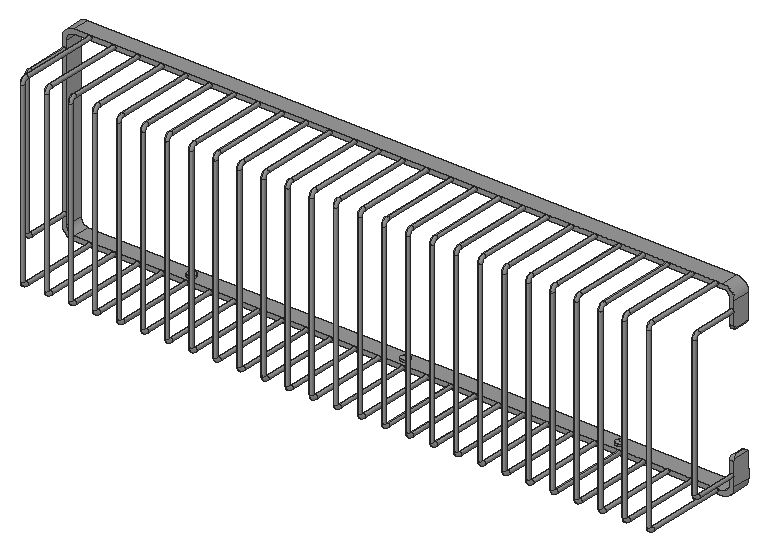
Revit family "RECK Jabonera 46x13cm BC4613000", category Generic Models, host Face, Revit 2014
Parameters
  MODELO = "RECK"
  MARCA = "WASSER"
  EMPRESA = "CHC COMERCIAL HISPANO CHILENA"
  Default Elevation = 1219.2 mm
  DIMENSIONES = "46X13CM"
  CÓDIGO = "BC4613000"
  ACCESORIO = "JABONERA"
Reference planes
  plane 1 "Center (Front/Back)": y = 0
  plane 2: z = 0
  plane 3 "Center (Left/Right)": x = 0
  plane 4: z = 130
  plane 5: x = 230
  plane 6: x = -230
  plane 7: y = -70
  plane 8: x = -75
  plane 9: x = 75
  plane 10: x = 3.025
Forms (mm)
  Extrusion 1, solid, material "Steel, Chrome Plated"
    sketch origin (0, 0, 0) x (1, 0, 0) y (0, 0, 1)
      loop
        arc (222, 0) -> (227.657, 2.343) -> (230, 8) r 8
        line (230, 8) -> (230, 25)
        arc (230, 25) -> (228.5, 26.5) -> (227, 25) r 1.5
        line (227, 25) -> (227, 8)
        arc (227, 8) -> (225.536, 4.464) -> (222, 3) r 5
        line (222, 3) -> (-222, 3)
        arc (-222, 3) -> (-225.536, 4.464) -> (-227, 8) r 5
        line (-227, 8) -> (-227, 122)
        arc (-227, 122) -> (-225.536, 125.536) -> (-222, 127) r 5
        line (-222, 127) -> (222, 127)
        arc (222, 127) -> (225.536, 125.536) -> (227, 122) r 5
        line (227, 122) -> (227, 105)
        arc (227, 105) -> (228.5, 103.5) -> (230, 105) r 1.5
        line (230, 105) -> (230, 122)
        arc (230, 122) -> (227.657, 127.657) -> (222, 130) r 8
        line (222, 130) -> (-222, 130)
        arc (-222, 130) -> (-227.657, 127.657) -> (-230, 122) r 8
        line (-230, 122) -> (-230, 8)
        arc (-230, 8) -> (-227.657, 2.343) -> (-222, 0) r 8
        line (-222, 0) -> (222, 0)
    from 0 to 12
  Revolve 2, solid, material "Steel, Chrome Plated"
    sketch origin (130.631, -5.965, 0) x (1, 0, 0) y (0, 0, 1)
      loop
        arc (19.269, 3.812) -> (17.821, 4.357) -> (16.286, 4.542) r 6.456
        line (16.286, 4.542) -> (16.286, 3) -> (19.269, 3) -> (19.269, 3.812)
      axis (16.286, 4.542) -> (16.286, 3)
    angle from 0 to 360
  Revolve 3, solid, material "Steel, Chrome Plated"
    sketch origin (-130, -5.965, 0) x (-1, 0, 0) y (0, 0, 1)
      loop
        arc (19.269, 3.812) -> (17.821, 4.357) -> (16.286, 4.542) r 6.456
        line (16.286, 4.542) -> (16.286, 3) -> (19.269, 3) -> (19.269, 3.812)
      axis (16.286, 4.542) -> (16.286, 3)
    angle from 0 to 360
  Extrusion 4, void
    sketch origin (-61.896, 0, 55.588) x (0.002115, 0, 0.999998) y (0, -1, 0)
      loop
        line (-33.818, 0) -> (-30.222, -2.612) -> (-26.755, 0.296) -> (-27.237, 14.082) -> (-33.818, 12) -> (-31.5, 12)
        arc (-31.5, 12) -> (-29.379, 11.121) -> (-28.5, 9) r 3
        line (-28.5, 9) -> (-28.5, 3)
        arc (-28.5, 3) -> (-29.379, 0.879) -> (-31.5, 0) r 3
        line (-31.5, 0) -> (-33.818, 0)
    from 283.388 to 293.26
  Sweep 5, solid, material "Steel, Chrome Plated"
    path origin (3.025, 0, 50.916) x (0, 0, -1) y (0, 1, 0)
      loop
        line (49.308, -12) -> (49.308, -66.476)
        arc (49.308, -66.476) -> (48.43, -68.597) -> (46.308, -69.476) r 3
        line (46.308, -69.476) -> (-74.657, -69.476)
        arc (-74.657, -69.476) -> (-76.747, -68.61) -> (-77.612, -66.52) r 2.955
        line (-77.612, -66.52) -> (-77.612, -12)
    profile origin (3.025, -69.476, 65.09) x (0, -1, 0) y (1, 0, 0)
      loop
        circle (0, 0) r 1.2
  Extrusion 6, void
    sketch origin (-61.896, 0, 74.412) x (0.002115, 0, -0.999998) y (0, 1, 0)
      loop
        line (-33.818, 0) -> (-31.5, 0)
        arc (-31.5, 0) -> (-29.379, -0.879) -> (-28.5, -3) r 3
        line (-28.5, -3) -> (-28.5, -9)
        arc (-28.5, -9) -> (-29.379, -11.121) -> (-31.5, -12) r 3
        line (-31.5, -12) -> (-33.818, -12) -> (-27.237, -14.082) -> (-26.755, -0.296) -> (-30.222, 2.612) -> (-33.818, 0)
    from 282.584 to 300.736
  Sweep 7, solid, material "Steel, Chrome Plated"
    path origin (19.575, 0, 50.916) x (0, 0, -1) y (0, 1, 0)
      loop
        line (49.308, -12) -> (49.308, -66.476)
        arc (49.308, -66.476) -> (48.43, -68.597) -> (46.308, -69.476) r 3
        line (46.308, -69.476) -> (-74.657, -69.476)
        arc (-74.657, -69.476) -> (-76.747, -68.61) -> (-77.612, -66.52) r 2.955
        line (-77.612, -66.52) -> (-77.612, -12)
    profile origin (19.575, -69.476, 65.09) x (0, -1, 0) y (1, 0, 0)
      loop
        circle (0, 0) r 1.2
  Sweep 8, solid, material "Steel, Chrome Plated"
    path origin (36.07, 0, 50.916) x (0, 0, -1) y (0, 1, 0)
      loop
        line (49.308, -12) -> (49.308, -66.476)
        arc (49.308, -66.476) -> (48.43, -68.597) -> (46.308, -69.476) r 3
        line (46.308, -69.476) -> (-74.657, -69.476)
        arc (-74.657, -69.476) -> (-76.747, -68.61) -> (-77.612, -66.52) r 2.955
        line (-77.612, -66.52) -> (-77.612, -12)
    profile origin (36.07, -69.476, 65.09) x (0, -1, 0) y (1, 0, 0)
      loop
        circle (0, 0) r 1.2
  Sweep 9, solid, material "Steel, Chrome Plated"
    path origin (52.566, 0, 50.916) x (0, 0, -1) y (0, 1, 0)
      loop
        line (49.308, -12) -> (49.308, -66.476)
        arc (49.308, -66.476) -> (48.43, -68.597) -> (46.308, -69.476) r 3
        line (46.308, -69.476) -> (-74.657, -69.476)
        arc (-74.657, -69.476) -> (-76.747, -68.61) -> (-77.612, -66.52) r 2.955
        line (-77.612, -66.52) -> (-77.612, -12)
    profile origin (52.566, -69.476, 65.09) x (0, -1, 0) y (1, 0, 0)
      loop
        circle (0, 0) r 1.2
  Sweep 10, solid, material "Steel, Chrome Plated"
    path origin (69.02, 0, 50.916) x (0, 0, -1) y (0, 1, 0)
      loop
        line (49.308, -12) -> (49.308, -66.476)
        arc (49.308, -66.476) -> (48.43, -68.597) -> (46.308, -69.476) r 3
        line (46.308, -69.476) -> (-74.657, -69.476)
        arc (-74.657, -69.476) -> (-76.747, -68.61) -> (-77.612, -66.52) r 2.955
        line (-77.612, -66.52) -> (-77.612, -12)
    profile origin (69.02, -69.476, 65.09) x (0, -1, 0) y (1, 0, 0)
      loop
        circle (0, 0) r 1.2
  Sweep 11, solid, material "Steel, Chrome Plated"
    path origin (85.475, 0, 50.916) x (0, 0, -1) y (0, 1, 0)
      loop
        line (49.308, -12) -> (49.308, -66.476)
        arc (49.308, -66.476) -> (48.43, -68.597) -> (46.308, -69.476) r 3
        line (46.308, -69.476) -> (-74.657, -69.476)
        arc (-74.657, -69.476) -> (-76.747, -68.61) -> (-77.612, -66.52) r 2.955
        line (-77.612, -66.52) -> (-77.612, -12)
    profile origin (85.475, -69.476, 65.09) x (0, -1, 0) y (1, 0, 0)
      loop
        circle (0, 0) r 1.2
  Sweep 12, solid, material "Steel, Chrome Plated"
    path origin (101.93, 0, 50.916) x (0, 0, -1) y (0, 1, 0)
      loop
        line (49.308, -12) -> (49.308, -66.476)
        arc (49.308, -66.476) -> (48.43, -68.597) -> (46.308, -69.476) r 3
        line (46.308, -69.476) -> (-74.657, -69.476)
        arc (-74.657, -69.476) -> (-76.747, -68.61) -> (-77.612, -66.52) r 2.955
        line (-77.612, -66.52) -> (-77.612, -12)
    profile origin (101.93, -69.476, 65.09) x (0, -1, 0) y (1, 0, 0)
      loop
        circle (0, 0) r 1.2
  Sweep 13, solid, material "Steel, Chrome Plated"
    path origin (118.385, 0, 50.916) x (0, 0, -1) y (0, 1, 0)
      loop
        line (49.308, -12) -> (49.308, -66.476)
        arc (49.308, -66.476) -> (48.43, -68.597) -> (46.308, -69.476) r 3
        line (46.308, -69.476) -> (-74.657, -69.476)
        arc (-74.657, -69.476) -> (-76.747, -68.61) -> (-77.612, -66.52) r 2.955
        line (-77.612, -66.52) -> (-77.612, -12)
    profile origin (118.385, -69.476, 65.09) x (0, -1, 0) y (1, 0, 0)
      loop
        circle (0, 0) r 1.2
  Sweep 14, solid, material "Steel, Chrome Plated"
    path origin (134.845, 0, 50.916) x (0, 0, -1) y (0, 1, 0)
      loop
        line (49.308, -12) -> (49.308, -66.476)
        arc (49.308, -66.476) -> (48.43, -68.597) -> (46.308, -69.476) r 3
        line (46.308, -69.476) -> (-74.657, -69.476)
        arc (-74.657, -69.476) -> (-76.747, -68.61) -> (-77.612, -66.52) r 2.955
        line (-77.612, -66.52) -> (-77.612, -12)
    profile origin (134.845, -69.476, 65.09) x (0, -1, 0) y (1, 0, 0)
      loop
        circle (0, 0) r 1.2
  Sweep 15, solid, material "Steel, Chrome Plated"
    path origin (151.352, 0, 50.916) x (0, 0, -1) y (0, 1, 0)
      loop
        line (49.308, -12) -> (49.308, -66.476)
        arc (49.308, -66.476) -> (48.43, -68.597) -> (46.308, -69.476) r 3
        line (46.308, -69.476) -> (-74.657, -69.476)
        arc (-74.657, -69.476) -> (-76.747, -68.61) -> (-77.612, -66.52) r 2.955
        line (-77.612, -66.52) -> (-77.612, -12)
    profile origin (151.352, -69.476, 65.09) x (0, -1, 0) y (1, 0, 0)
      loop
        circle (0, 0) r 1.2
  Sweep 16, solid, material "Steel, Chrome Plated"
    path origin (167.841, 0, 50.916) x (0, 0, -1) y (0, 1, 0)
      loop
        line (49.308, -12) -> (49.308, -66.476)
        arc (49.308, -66.476) -> (48.43, -68.597) -> (46.308, -69.476) r 3
        line (46.308, -69.476) -> (-74.657, -69.476)
        arc (-74.657, -69.476) -> (-76.747, -68.61) -> (-77.612, -66.52) r 2.955
        line (-77.612, -66.52) -> (-77.612, -12)
    profile origin (167.841, -69.476, 65.09) x (0, -1, 0) y (1, 0, 0)
      loop
        circle (0, 0) r 1.2
  Sweep 17, solid, material "Steel, Chrome Plated"
    path origin (184.331, 0, 50.916) x (0, 0, -1) y (0, 1, 0)
      loop
        line (49.308, -12) -> (49.308, -66.476)
        arc (49.308, -66.476) -> (48.43, -68.597) -> (46.308, -69.476) r 3
        line (46.308, -69.476) -> (-74.657, -69.476)
        arc (-74.657, -69.476) -> (-76.747, -68.61) -> (-77.612, -66.52) r 2.955
        line (-77.612, -66.52) -> (-77.612, -12)
    profile origin (184.331, -69.476, 65.09) x (0, -1, 0) y (1, 0, 0)
      loop
        circle (0, 0) r 1.2
  Sweep 18, solid, material "Steel, Chrome Plated"
    path origin (200.821, 0, 50.916) x (0, 0, -1) y (0, 1, 0)
      loop
        line (49.308, -12) -> (49.308, -66.476)
        arc (49.308, -66.476) -> (48.43, -68.597) -> (46.308, -69.476) r 3
        line (46.308, -69.476) -> (-74.657, -69.476)
        arc (-74.657, -69.476) -> (-76.747, -68.61) -> (-77.612, -66.52) r 2.955
        line (-77.612, -66.52) -> (-77.612, -12)
    profile origin (200.821, -69.476, 65.09) x (0, -1, 0) y (1, 0, 0)
      loop
        circle (0, 0) r 1.2
  Sweep 19, solid, material "Steel, Chrome Plated"
    path origin (217.32, 0, 50.916) x (0, 0, -1) y (0, 1, 0)
      loop
        line (49.308, -12) -> (49.308, -66.476)
        arc (49.308, -66.476) -> (48.43, -68.597) -> (46.308, -69.476) r 3
        line (46.308, -69.476) -> (-74.657, -69.476)
        arc (-74.657, -69.476) -> (-76.747, -68.61) -> (-77.612, -66.52) r 2.955
        line (-77.612, -66.52) -> (-77.612, -12)
    profile origin (217.32, -69.476, 65.09) x (0, -1, 0) y (1, 0, 0)
      loop
        circle (0, 0) r 1.2
  Sweep 20, solid, material "Steel, Chrome Plated"
    path origin (-13.464, 0, 50.916) x (0, 0, -1) y (0, 1, 0)
      loop
        line (49.308, -12) -> (49.308, -66.476)
        arc (49.308, -66.476) -> (48.43, -68.597) -> (46.308, -69.476) r 3
        line (46.308, -69.476) -> (-74.657, -69.476)
        arc (-74.657, -69.476) -> (-76.747, -68.61) -> (-77.612, -66.52) r 2.955
        line (-77.612, -66.52) -> (-77.612, -12)
    profile origin (-13.464, -69.476, 65.09) x (0, -1, 0) y (1, 0, 0)
      loop
        circle (0, 0) r 1.2
  Sweep 21, solid, material "Steel, Chrome Plated"
    path origin (-29.954, 0, 50.916) x (0, 0, -1) y (0, 1, 0)
      loop
        line (49.308, -12) -> (49.308, -66.476)
        arc (49.308, -66.476) -> (48.43, -68.597) -> (46.308, -69.476) r 3
        line (46.308, -69.476) -> (-74.657, -69.476)
        arc (-74.657, -69.476) -> (-76.747, -68.61) -> (-77.612, -66.52) r 2.955
        line (-77.612, -66.52) -> (-77.612, -12)
    profile origin (-29.954, -69.476, 65.09) x (0, -1, 0) y (1, 0, 0)
      loop
        circle (0, 0) r 1.2
  Sweep 22, solid, material "Steel, Chrome Plated"
    path origin (-46.444, 0, 50.916) x (0, 0, -1) y (0, 1, 0)
      loop
        line (49.308, -12) -> (49.308, -66.476)
        arc (49.308, -66.476) -> (48.43, -68.597) -> (46.308, -69.476) r 3
        line (46.308, -69.476) -> (-74.657, -69.476)
        arc (-74.657, -69.476) -> (-76.747, -68.61) -> (-77.612, -66.52) r 2.955
        line (-77.612, -66.52) -> (-77.612, -12)
    profile origin (-46.444, -69.476, 65.09) x (0, -1, 0) y (1, 0, 0)
      loop
        circle (0, 0) r 1.2
  Sweep 23, solid, material "Steel, Chrome Plated"
    path origin (-62.907, 0, 50.916) x (0, 0, -1) y (0, 1, 0)
      loop
        line (49.308, -12) -> (49.308, -66.476)
        arc (49.308, -66.476) -> (48.43, -68.597) -> (46.308, -69.476) r 3
        line (46.308, -69.476) -> (-74.657, -69.476)
        arc (-74.657, -69.476) -> (-76.747, -68.61) -> (-77.612, -66.52) r 2.955
        line (-77.612, -66.52) -> (-77.612, -12)
    profile origin (-62.907, -69.476, 65.09) x (0, -1, 0) y (1, 0, 0)
      loop
        circle (0, 0) r 1.2
  Sweep 24, solid, material "Steel, Chrome Plated"
    path origin (-79.37, 0, 50.916) x (0, 0, -1) y (0, 1, 0)
      loop
        line (49.308, -12) -> (49.308, -66.476)
        arc (49.308, -66.476) -> (48.43, -68.597) -> (46.308, -69.476) r 3
        line (46.308, -69.476) -> (-74.657, -69.476)
        arc (-74.657, -69.476) -> (-76.747, -68.61) -> (-77.612, -66.52) r 2.955
        line (-77.612, -66.52) -> (-77.612, -12)
    profile origin (-79.37, -69.476, 65.09) x (0, -1, 0) y (1, 0, 0)
      loop
        circle (0, 0) r 1.2
  Sweep 25, solid, material "Steel, Chrome Plated"
    path origin (-95.909, 0, 50.916) x (0, 0, -1) y (0, 1, 0)
      loop
        line (49.308, -12) -> (49.308, -66.476)
        arc (49.308, -66.476) -> (48.43, -68.597) -> (46.308, -69.476) r 3
        line (46.308, -69.476) -> (-74.657, -69.476)
        arc (-74.657, -69.476) -> (-76.747, -68.61) -> (-77.612, -66.52) r 2.955
        line (-77.612, -66.52) -> (-77.612, -12)
    profile origin (-95.909, -69.476, 65.09) x (0, -1, 0) y (1, 0, 0)
      loop
        circle (0, 0) r 1.2
  Sweep 26, solid, material "Steel, Chrome Plated"
    path origin (-112.448, 0, 50.916) x (0, 0, -1) y (0, 1, 0)
      loop
        line (49.308, -12) -> (49.308, -66.476)
        arc (49.308, -66.476) -> (48.43, -68.597) -> (46.308, -69.476) r 3
        line (46.308, -69.476) -> (-74.657, -69.476)
        arc (-74.657, -69.476) -> (-76.747, -68.61) -> (-77.612, -66.52) r 2.955
        line (-77.612, -66.52) -> (-77.612, -12)
    profile origin (-112.448, -69.476, 65.09) x (0, -1, 0) y (1, 0, 0)
      loop
        circle (0, 0) r 1.2
  Sweep 27, solid, material "Steel, Chrome Plated"
    path origin (-128.911, 0, 50.916) x (0, 0, -1) y (0, 1, 0)
      loop
        line (49.308, -12) -> (49.308, -66.476)
        arc (49.308, -66.476) -> (48.43, -68.597) -> (46.308, -69.476) r 3
        line (46.308, -69.476) -> (-74.657, -69.476)
        arc (-74.657, -69.476) -> (-76.747, -68.61) -> (-77.612, -66.52) r 2.955
        line (-77.612, -66.52) -> (-77.612, -12)
    profile origin (-128.911, -69.476, 65.09) x (0, -1, 0) y (1, 0, 0)
      loop
        circle (0, 0) r 1.2
  Sweep 28, solid, material "Steel, Chrome Plated"
    path origin (-145.374, 0, 50.916) x (0, 0, -1) y (0, 1, 0)
      loop
        line (49.308, -12) -> (49.308, -66.476)
        arc (49.308, -66.476) -> (48.43, -68.597) -> (46.308, -69.476) r 3
        line (46.308, -69.476) -> (-74.657, -69.476)
        arc (-74.657, -69.476) -> (-76.747, -68.61) -> (-77.612, -66.52) r 2.955
        line (-77.612, -66.52) -> (-77.612, -12)
    profile origin (-145.374, -69.476, 65.09) x (0, -1, 0) y (1, 0, 0)
      loop
        circle (0, 0) r 1.2
  Sweep 29, solid, material "Steel, Chrome Plated"
    path origin (-161.913, 0, 50.916) x (0, 0, -1) y (0, 1, 0)
      loop
        line (49.308, -12) -> (49.308, -66.476)
        arc (49.308, -66.476) -> (48.43, -68.597) -> (46.308, -69.476) r 3
        line (46.308, -69.476) -> (-74.657, -69.476)
        arc (-74.657, -69.476) -> (-76.747, -68.61) -> (-77.612, -66.52) r 2.955
        line (-77.612, -66.52) -> (-77.612, -12)
    profile origin (-161.913, -69.476, 65.09) x (0, -1, 0) y (1, 0, 0)
      loop
        circle (0, 0) r 1.2
  Sweep 30, solid, material "Steel, Chrome Plated"
    path origin (-178.376, 0, 50.916) x (0, 0, -1) y (0, 1, 0)
      loop
        line (49.308, -12) -> (49.308, -66.476)
        arc (49.308, -66.476) -> (48.43, -68.597) -> (46.308, -69.476) r 3
        line (46.308, -69.476) -> (-74.657, -69.476)
        arc (-74.657, -69.476) -> (-76.747, -68.61) -> (-77.612, -66.52) r 2.955
        line (-77.612, -66.52) -> (-77.612, -12)
    profile origin (-178.376, -69.476, 65.09) x (0, -1, 0) y (1, 0, 0)
      loop
        circle (0, 0) r 1.2
  Sweep 31, solid, material "Steel, Chrome Plated"
    path origin (-194.839, 0, 50.916) x (0, 0, -1) y (0, 1, 0)
      loop
        line (49.308, -12) -> (49.308, -66.476)
        arc (49.308, -66.476) -> (48.43, -68.597) -> (46.308, -69.476) r 3
        line (46.308, -69.476) -> (-74.657, -69.476)
        arc (-74.657, -69.476) -> (-76.747, -68.61) -> (-77.612, -66.52) r 2.955
        line (-77.612, -66.52) -> (-77.612, -12)
    profile origin (-194.839, -69.476, 65.09) x (0, -1, 0) y (1, 0, 0)
      loop
        circle (0, 0) r 1.2
  Sweep 32, solid, material "Steel, Chrome Plated"
    path origin (-211.302, 0, 50.916) x (0, 0, -1) y (0, 1, 0)
      loop
        line (49.308, -12) -> (49.308, -66.476)
        arc (49.308, -66.476) -> (48.43, -68.597) -> (46.308, -69.476) r 3
        line (46.308, -69.476) -> (-74.657, -69.476)
        arc (-74.657, -69.476) -> (-76.747, -68.61) -> (-77.612, -66.52) r 2.955
        line (-77.612, -66.52) -> (-77.612, -12)
    profile origin (-211.302, -69.476, 65.09) x (0, -1, 0) y (1, 0, 0)
      loop
        circle (0, 0) r 1.2
  Sweep 33, solid, material "Steel, Chrome Plated"
    path origin (228.613, 0, 50.916) x (0, 0, -1) y (0, 1, 0)
      loop
        line (36.336, -12) -> (36.336, -41.476)
        arc (36.336, -41.476) -> (35.458, -43.597) -> (33.336, -44.476) r 3
        line (33.336, -44.476) -> (-61.549, -44.476)
        arc (-61.549, -44.476) -> (-63.639, -43.61) -> (-64.504, -41.52) r 2.955
        line (-64.504, -41.52) -> (-64.504, -12)
    profile origin (228.613, -44.476, 65.022) x (0, -1, 0) y (1, 0, 0)
      loop
        circle (0, 0) r 1.2
  Sweep 34, solid, material "Steel, Chrome Plated"
    path origin (-228.434, 0, 50.916) x (0, 0, -1) y (0, 1, 0)
      loop
        line (36.336, -12) -> (36.336, -41.476)
        arc (36.336, -41.476) -> (35.458, -43.597) -> (33.336, -44.476) r 3
        line (33.336, -44.476) -> (-61.549, -44.476)
        arc (-61.549, -44.476) -> (-63.639, -43.61) -> (-64.504, -41.52) r 2.955
        line (-64.504, -41.52) -> (-64.504, -12)
    profile origin (-228.434, -44.476, 65.022) x (0, -1, 0) y (1, 0, 0)
      loop
        circle (0, 0) r 1.2
  Revolve 35, solid, material "Steel, Chrome Plated"
    sketch origin (-16.286, -5.965, 0) x (1, 0, 0) y (0, 0, 1)
      loop
        arc (19.269, 3.812) -> (17.821, 4.357) -> (16.286, 4.542) r 6.456
        line (16.286, 4.542) -> (16.286, 3) -> (19.269, 3) -> (19.269, 3.812)
      axis (16.286, 4.542) -> (16.286, 3)
    angle from 0 to 360
Cuts and joins
  Extrusion 4, Extrusion 6 cuts Extrusion 1
Dimensions and locks
  aligned and locked: plane 2 to host face
  aligned and locked: level to host face
